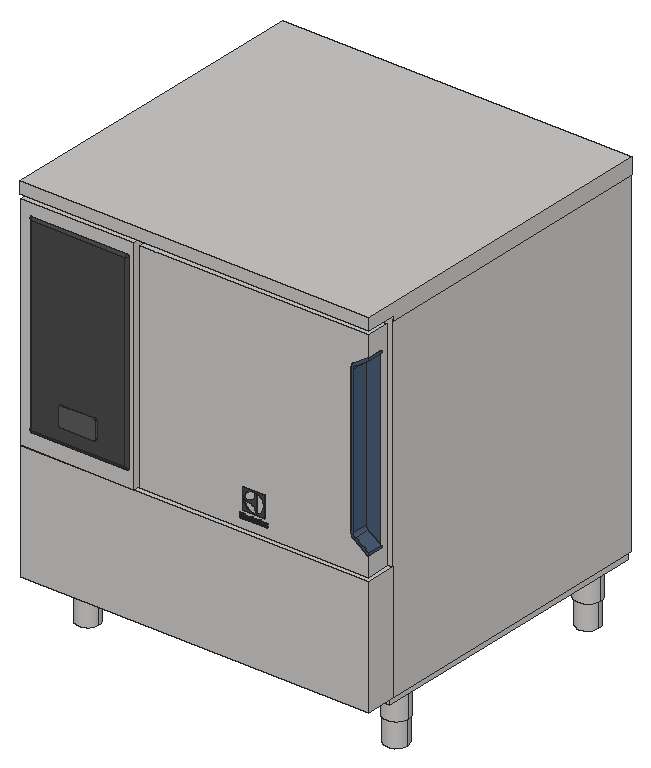
Revit family "QF_ELECTROLUXPROFESSIONAL_727905_EBFA61THE", category Specialty Equipment, Revit 2018
Family settings
  Round Connector Dimension = Use Diameter
  Part Type = Normal
  Work Plane-Based = No
  Always vertical = Yes
  Cut with Voids When Loaded = No
  Shared = No
  Room Calculation Point = No
Parameters
  Weight = 0.00 kg
  Watts = 0 W
  Volts = 380 V
  URL Manufacturer = "http://professional.electrolux.com"
  URL = "http://professional.electrolux.com"
  Steam Supply Size = 0 mm
  Steam Supply Minimum Pressure = 0.0 Pa
  Steam Supply Maximum Pressure = 0.0 Pa
  Steam Pounds per Hour = 0
  Show Logo [instance] = yes
  Show Clearance [instance] = yes
  Refrigeration Suction Line Size = 0 mm
  Refrigeration Liquid Line Size = 0 mm
  Refrigerant Compressor Remote = yes
  Manufacturer = "Electrolux"
  Phase = 3
  Model = "EBFA61THE"
  Length Actual = 897 mm  # constant formula
  Item Number = "727905"
  Hot Water Size = 0 mm
  Height Actual = 1060 mm  # constant formula
  HP = "3.6 HP"
  Gas Size = 0 mm
  Gas KW = 0
  Gas Input Pressure = 0 W
  Direct Waste Size = 139.7 mm
  Description = "SKYLINE CHILLS BLAST CHILLER FREEZER 30/30KG 6 GN 1/1 - WITH TOP - LEFT HINDGED DOOR"
  Depth Actual = 937 mm  # constant formula
  Cycle = 50 Hz
  Condensate Return Size = 0 mm
  Compressed Air Volume = 0.0 L/s
  Compressed Air Size = 0 mm
  Compressed Air Pressure = 0.0 Pa
  Cold Water Size = 0 mm
  Accessory = yes
Reference planes
  plane 1 "Center X": y = 126.851
  plane 2: z = 0
  plane 3 "Center Y": x = -311.5
  plane 4 "LEFT": x = -760
  plane 5 "BACK": y = 548.851
  plane 6 "RIGHT": x = 137
  plane 7 "FRONT": y = -295.149
  plane 8: z = 130
  plane 9 "TOP": z = 1060.038
  plane 10: x = -708
  plane 11: y = 473.851
  plane 12: x = 85
  plane 13: y = -142.149
  plane 14: z = 1020.038
  plane 15: y = 641.851
  plane 16: y = -847.149
Forms (mm)
  Extrusion 1, solid, material "QF_Finishes_Stainless Steel"
    sketch origin (0, 0, 1060.038) x (-1, 0, 0) y (0, -1, 0)
      loop
        line (759, -548.851) -> (759, 216.149) -> (-136, 216.149) -> (-136, -548.851) -> (759, -548.851)
    from -40 to -910.018
  Extrusion 2, void
    sketch origin (-759, -216.149, 1060.038) x (-1, 0, 0) y (0, 0, 1)
      loop
        line (-370.8, -100) -> (-826.8, -100) -> (-826.8, -491.98) -> (-370.8, -491.98) -> (-370.8, -100)
    from 0 to 703
  Extrusion 3, solid, material "QF_Finishes_Stainless Steel"
    sketch origin (-760, -0.954, 0) x (0, 1, 0) y (0, 0, 1)
      loop
        line (549.805, 694.306) -> (549.805, 392.314) -> (635.5, 399.789)
        arc (635.5, 399.789) -> (640.702, 402.354) -> (642.805, 407.759) r 8
        line (642.805, 407.759) -> (642.805, 433.233)
        arc (642.805, 433.233) -> (638.783, 442.547) -> (642.805, 451.86) r 12.795
        line (642.805, 451.86) -> (642.805, 483.24)
        arc (642.805, 483.24) -> (638.783, 492.554) -> (642.805, 501.867) r 12.795
        line (642.805, 501.867) -> (642.805, 533.247)
        arc (642.805, 533.247) -> (638.783, 542.56) -> (642.805, 551.874) r 12.795
        line (642.805, 551.874) -> (642.805, 583.254)
        arc (642.805, 583.254) -> (638.783, 592.567) -> (642.805, 601.881) r 12.795
        line (642.805, 601.881) -> (642.805, 634.796)
        arc (642.805, 634.796) -> (641.466, 639.795) -> (637.808, 643.455) r 10
        line (637.808, 643.455) -> (549.805, 694.306)
    from 123.244 to 306.92
  Extrusion 4, solid, material "QF_Finishes_Stainless Steel"
    sketch origin (-817.599, 548.851, 1060.038) x (1, 0, 0) y (0, 0, -1)
      loop
        circle (121.599, 802.038) r 10.5
    from 0 to 29
  Extrusion 5, solid, material "QF_Finishes_Stainless Steel"
    sketch origin (0, 0, 1060.038) x (-1, 0, 0) y (0, -1, 0)
      loop
        line (759, 295.149) -> (467.2, 295.149) -> (467.2, 217.149) -> (759, 217.149) -> (759, 295.149)
    from -40 to -607
  Extrusion 6, solid, material "QF_Finishes_Stainless Steel"
    sketch origin (-1206.916, -1524, 130) x (-1, 0, 0) y (0, -1, 0)
      loop
        line (-447.916, -1228.851) -> (-1342.916, -1228.851) -> (-1342.916, -1306.851) -> (-447.916, -1306.851) -> (-447.916, -1228.851)
    from 322 to 20.02
  Extrusion 7, solid, material "QF_Finishes_Stainless Steel"
    sketch origin (-311.5, 0, 0) x (0, 1, 0) y (0, 0, 1)
      loop
        line (548.851, 1060.038) -> (-295.149, 1060.038) -> (-295.149, 1030.034) -> (-216.149, 1030.034) -> (-216.149, 1020.038) -> (548.851, 1020.038) -> (548.851, 1060.038)
    from -448.5 to 448.5
  Extrusion 8, solid, material "QF_Finishes_Stainless Steel"
    sketch origin (0, 0, 1060.038) x (-1, 0, 0) y (0, -1, 0)
      loop
        line (748.993, -548.851) -> (748.993, 214.216) -> (-125.993, 214.216) -> (-125.993, -548.851) -> (748.993, -548.851)
    from -910.018 to -930.038
  Extrusion 9, solid, material "QF_Finishes_Stainless Steel"
    sketch origin (0, 0, 130) x (0, -1, 0) y (-1, 0, 0)
      loop
        circle (-215.851, 360) r 9.5
    from 0 to 31.68
  Extrusion 10, void
    sketch origin (0, 0, 1060.038) x (-1, 0, 0) y (0, -1, 0)
      loop
        line (627.033, -641.851) -> (636.756, -641.851) -> (636.756, -548.851) -> (635.125, -548.851) -> (627.033, -641.851)
      loop
        line (454.711, -548.851) -> (453.08, -548.851) -> (453.08, -641.851) -> (462.803, -641.851) -> (454.711, -548.851)
    from -673 to -363
  Extrusion 11, solid, material "QF_Finishes_Stainless Steel"
    sketch origin (-315.205, -295.149, 0) x (1, 0, 0) y (0, 0, -1)
      loop
        line (451.2, -1020.033) -> (451.2, -968.898) -> (414.947, -944.816)
        arc (414.947, -944.816) -> (408.716, -937.969) -> (406.46, -928.989) r 19
        line (406.46, -928.989) -> (406.46, -554.076)
        arc (406.46, -554.076) -> (408.839, -544.616) -> (415.41, -537.406) r 20
        line (415.41, -537.406) -> (451.2, -513.683) -> (451.2, -462.497) -> (-135.995, -462.497) -> (-135.995, -1020.033) -> (451.2, -1020.033)
    from 0 to 60
  Extrusion 12, solid, material "QF_Finishes_Stainless Steel"
    sketch origin (-315.205, -235.149, 0) x (1, 0, 0) y (0, 0, -1)
      loop
        line (406.46, -554.076) -> (406.46, -928.989)
        arc (406.46, -928.989) -> (408.716, -937.969) -> (414.947, -944.816) r 19
        line (414.947, -944.816) -> (451.2, -968.898) -> (451.2, -513.683) -> (415.41, -537.406)
        arc (415.41, -537.406) -> (408.839, -544.616) -> (406.46, -554.076) r 20
    from -21 to 0
  Extrusion 13, solid, material "QF_Finishes_Electrolux_Blue"
    sketch origin (-315.205, -295.149, 0) x (-1, 0, 0) y (0, 0, -1)
      loop
        line (-451.2, -968.898) -> (-414.947, -944.816)
        arc (-414.947, -944.816) -> (-408.716, -937.969) -> (-406.46, -928.989) r 19
        line (-406.46, -928.989) -> (-406.46, -554.076)
        arc (-406.46, -554.076) -> (-408.839, -544.616) -> (-415.41, -537.406) r 20
        line (-415.41, -537.406) -> (-451.2, -513.683) -> (-453.7, -513.683) -> (-453.7, -519.824) -> (-419.001, -542.824)
        arc (-419.001, -542.824) -> (-414.566, -547.691) -> (-412.96, -554.076) r 13.5
        line (-412.96, -554.076) -> (-412.96, -928.989)
        arc (-412.96, -928.989) -> (-414.444, -934.897) -> (-418.543, -939.401) r 12.5
        line (-418.543, -939.401) -> (-453.7, -962.755) -> (-453.7, -968.898) -> (-451.2, -968.898)
    from -39 to 1
  Extrusion 14, solid, material "QF_Door-Drawer Clearances", visible <- "Show Clearance", detail levels coarse
    sketch origin (-458.205, -393.449, 0) x (0, -1, 0) y (0, 0, -1)
      loop
        line (451.2, -1020.033) -> (451.2, -968.898) -> (414.947, -944.816)
        arc (414.947, -944.816) -> (408.716, -937.969) -> (406.46, -928.989) r 19
        line (406.46, -928.989) -> (406.46, -554.076)
        arc (406.46, -554.076) -> (408.839, -544.616) -> (415.41, -537.406) r 20
        line (415.41, -537.406) -> (451.2, -513.683) -> (451.2, -462.497) -> (-98.3, -462.497) -> (-98.3, -1020.033) -> (451.2, -1020.033)
    from 0 to 60
  Extrusion 15, solid, material "QF_Door-Drawer Clearances", visible <- "Show Clearance", detail levels coarse
    sketch origin (-398.205, -393.449, 0) x (0, -1, 0) y (0, 0, -1)
      loop
        line (406.46, -554.076) -> (406.46, -928.989)
        arc (406.46, -928.989) -> (408.716, -937.969) -> (414.947, -944.816) r 19
        line (414.947, -944.816) -> (451.2, -968.898) -> (451.2, -513.683) -> (415.41, -537.406)
        arc (415.41, -537.406) -> (408.839, -544.616) -> (406.46, -554.076) r 20
    from -21 to 0
  Extrusion 16, solid, material "QF_Door-Drawer Clearances", visible <- "Show Clearance", detail levels coarse
    sketch origin (-458.205, -393.449, 0) x (0, 1, 0) y (0, 0, -1)
      loop
        line (-451.2, -968.898) -> (-414.947, -944.816)
        arc (-414.947, -944.816) -> (-408.716, -937.969) -> (-406.46, -928.989) r 19
        line (-406.46, -928.989) -> (-406.46, -554.076)
        arc (-406.46, -554.076) -> (-408.839, -544.616) -> (-415.41, -537.406) r 20
        line (-415.41, -537.406) -> (-451.2, -513.683) -> (-453.7, -513.683) -> (-453.7, -519.824) -> (-419.001, -542.824)
        arc (-419.001, -542.824) -> (-414.566, -547.691) -> (-412.96, -554.076) r 13.5
        line (-412.96, -554.076) -> (-412.96, -928.989)
        arc (-412.96, -928.989) -> (-414.444, -934.897) -> (-418.543, -939.401) r 12.5
        line (-418.543, -939.401) -> (-453.7, -962.755) -> (-453.7, -968.898) -> (-451.2, -968.898)
    from -39 to 1
  Extrusion 17, solid, material "QF_Door-Drawer Clearances", visible <- "Show Clearance", detail levels coarse
    sketch origin (-315.205, 0, 1060.038) x (1, 0, 0) y (0, 1, 0)
      loop
        line (-83, -295.149) -> (-83, -844.649)
        arc (-83, -844.649) -> (290.883, -673.709) -> (451.2, -295.149) r 567.425
        line (451.2, -295.149) -> (-83, -295.149)
    from -597.541 to -40
Cuts and joins
  Extrusion 2 cuts Extrusion 1
  Extrusion 10 cuts Extrusion 3
  joined: Extrusion 1, Extrusion 3, Extrusion 4, Extrusion 7, Extrusion 8, Extrusion 9
  joined: Extrusion 11, Extrusion 12
  joined: Extrusion 14, Extrusion 15, Extrusion 16, Extrusion 17
Lines and regions (mm)
  Split face 1
    outline origin (-489, -295.149, 130) x (-1, 0, 0) y (0, 0, -1)
      loop
        line (-132.388, -290.639) -> (-22.373, -290.639) -> (-22.373, -285.612) -> (-132.388, -285.612) -> (-132.388, -290.639)
  Split face 2
    outline origin (-489, -295.149, 120.528) x (-1, 0, 0) y (0, 0, -1)
      loop
        line (-132.388, -290.639) -> (-22.373, -290.639) -> (-22.373, -285.612) -> (-132.388, -285.612) -> (-132.388, -290.639)
  Split face 3
    outline origin (-489, -295.149, 111.056) x (-1, 0, 0) y (0, 0, -1)
      loop
        line (-132.388, -290.639) -> (-22.373, -290.639) -> (-22.373, -285.612) -> (-132.388, -285.612) -> (-132.388, -290.639)
  Split face 4
    outline origin (-489, -295.149, 101.583) x (-1, 0, 0) y (0, 0, -1)
      loop
        line (-132.388, -290.639) -> (-22.373, -290.639) -> (-22.373, -285.612) -> (-132.388, -285.612) -> (-132.388, -290.639)
  Split face 5
    outline origin (-489, -295.149, 92.111) x (-1, 0, 0) y (0, 0, -1)
      loop
        line (-132.388, -290.639) -> (-22.373, -290.639) -> (-22.373, -285.612) -> (-132.388, -285.612) -> (-132.388, -290.639)
  Split face 6
    outline origin (-489, -295.149, 82.639) x (-1, 0, 0) y (0, 0, -1)
      loop
        line (-132.388, -290.639) -> (-22.373, -290.639) -> (-22.373, -285.612) -> (-132.388, -285.612) -> (-132.388, -290.639)
  Split face 7
    outline origin (-489, -295.149, 73.167) x (-1, 0, 0) y (0, 0, -1)
      loop
        line (-132.388, -290.639) -> (-22.373, -290.639) -> (-22.373, -285.612) -> (-132.388, -285.612) -> (-132.388, -290.639)
  Split face 8
    outline origin (-489, -295.149, 63.695) x (-1, 0, 0) y (0, 0, -1)
      loop
        line (-132.388, -290.639) -> (-22.373, -290.639) -> (-22.373, -285.612) -> (-132.388, -285.612) -> (-132.388, -290.639)
  Split face 9
    outline origin (-489, -295.149, 54.223) x (-1, 0, 0) y (0, 0, -1)
      loop
        line (-132.388, -290.639) -> (-22.373, -290.639) -> (-22.373, -285.612) -> (-132.388, -285.612) -> (-132.388, -290.639)
  Split face 10
    outline origin (-489, -295.149, 44.75) x (-1, 0, 0) y (0, 0, -1)
      loop
        line (-132.388, -290.639) -> (-22.373, -290.639) -> (-22.373, -285.612) -> (-132.388, -285.612) -> (-132.388, -290.639)
  Split face 11
    outline origin (-489, -295.149, 35.278) x (-1, 0, 0) y (0, 0, -1)
      loop
        line (-132.388, -290.639) -> (-22.373, -290.639) -> (-22.373, -285.612) -> (-132.388, -285.612) -> (-132.388, -290.639)
  Split face 12
    outline origin (-489, -295.149, 25.806) x (-1, 0, 0) y (0, 0, -1)
      loop
        line (-132.388, -290.639) -> (-22.373, -290.639) -> (-22.373, -285.612) -> (-132.388, -285.612) -> (-132.388, -290.639)
  Split face 13
    outline origin (-489, -295.149, 16.334) x (-1, 0, 0) y (0, 0, -1)
      loop
        line (-132.388, -290.639) -> (-22.373, -290.639) -> (-22.373, -285.612) -> (-132.388, -285.612) -> (-132.388, -290.639)
  Split face 14
    outline origin (-489, -295.149, 6.862) x (-1, 0, 0) y (0, 0, -1)
      loop
        line (-132.388, -290.639) -> (-22.373, -290.639) -> (-22.373, -285.612) -> (-132.388, -285.612) -> (-132.388, -290.639)
  Split face 15
    outline origin (-489, -295.149, -2.611) x (-1, 0, 0) y (0, 0, -1)
      loop
        line (-132.388, -290.639) -> (-22.373, -290.639) -> (-22.373, -285.612) -> (-132.388, -285.612) -> (-132.388, -290.639)
  Split face 16
    outline origin (-489, -295.149, -12.083) x (-1, 0, 0) y (0, 0, -1)
      loop
        line (-132.388, -290.639) -> (-22.373, -290.639) -> (-22.373, -285.612) -> (-132.388, -285.612) -> (-132.388, -290.639)
  Split face 17
    outline origin (-489, -295.149, -21.555) x (-1, 0, 0) y (0, 0, -1)
      loop
        line (-132.388, -290.639) -> (-22.373, -290.639) -> (-22.373, -285.612) -> (-132.388, -285.612) -> (-132.388, -290.639)
  Split face 18
    outline origin (-489, -295.149, -31.027) x (-1, 0, 0) y (0, 0, -1)
      loop
        line (-132.388, -290.639) -> (-22.373, -290.639) -> (-22.373, -285.612) -> (-132.388, -285.612) -> (-132.388, -290.639)
  Split face 19
    outline origin (-489, -295.149, -40.499) x (-1, 0, 0) y (0, 0, -1)
      loop
        line (-132.388, -290.639) -> (-22.373, -290.639) -> (-22.373, -285.612) -> (-132.388, -285.612) -> (-132.388, -290.639)
  Split face 20
    outline origin (-489, -295.149, -49.972) x (-1, 0, 0) y (0, 0, -1)
      loop
        line (-132.388, -290.639) -> (-22.373, -290.639) -> (-22.373, -285.612) -> (-132.388, -285.612) -> (-132.388, -290.639)
  Split face 21
    outline origin (-489, -295.149, -59.444) x (-1, 0, 0) y (0, 0, -1)
      loop
        line (-132.388, -290.639) -> (-22.373, -290.639) -> (-22.373, -285.612) -> (-132.388, -285.612) -> (-132.388, -290.639)
  Split face 22
    outline origin (-489, -295.149, -68.916) x (-1, 0, 0) y (0, 0, -1)
      loop
        line (-132.388, -290.639) -> (-22.373, -290.639) -> (-22.373, -285.612) -> (-132.388, -285.612) -> (-132.388, -290.639)
  Split face 23
    outline origin (-489, -295.149, -78.388) x (-1, 0, 0) y (0, 0, -1)
      loop
        line (-132.388, -290.639) -> (-22.373, -290.639) -> (-22.373, -285.612) -> (-132.388, -285.612) -> (-132.388, -290.639)
  Split face 24
    outline origin (-489, -295.149, -87.86) x (-1, 0, 0) y (0, 0, -1)
      loop
        line (-132.388, -290.639) -> (-22.373, -290.639) -> (-22.373, -285.612) -> (-132.388, -285.612) -> (-132.388, -290.639)
  Split face 25
    outline origin (-489, -295.149, -97.332) x (-1, 0, 0) y (0, 0, -1)
      loop
        line (-132.388, -290.639) -> (-22.373, -290.639) -> (-22.373, -285.612) -> (-132.388, -285.612) -> (-132.388, -290.639)
  Split face 26
    outline origin (-489, -295.149, -106.805) x (-1, 0, 0) y (0, 0, -1)
      loop
        line (-132.388, -290.639) -> (-22.373, -290.639) -> (-22.373, -285.612) -> (-132.388, -285.612) -> (-132.388, -290.639)
  Split face 27
    outline origin (-373.984, -295.149, 130) x (-1, 0, 0) y (0, 0, -1)
      loop
        line (-132.388, -290.639) -> (-22.373, -290.639) -> (-22.373, -285.612) -> (-132.388, -285.612) -> (-132.388, -290.639)
  Split face 28
    outline origin (-373.984, -295.149, 120.528) x (-1, 0, 0) y (0, 0, -1)
      loop
        line (-132.388, -290.639) -> (-22.373, -290.639) -> (-22.373, -285.612) -> (-132.388, -285.612) -> (-132.388, -290.639)
  Split face 29
    outline origin (-373.984, -295.149, 111.056) x (-1, 0, 0) y (0, 0, -1)
      loop
        line (-132.388, -290.639) -> (-22.373, -290.639) -> (-22.373, -285.612) -> (-132.388, -285.612) -> (-132.388, -290.639)
  Split face 30
    outline origin (-373.984, -295.149, 101.583) x (-1, 0, 0) y (0, 0, -1)
      loop
        line (-132.388, -290.639) -> (-22.373, -290.639) -> (-22.373, -285.612) -> (-132.388, -285.612) -> (-132.388, -290.639)
  Split face 31
    outline origin (-373.984, -295.149, 92.111) x (-1, 0, 0) y (0, 0, -1)
      loop
        line (-132.388, -290.639) -> (-22.373, -290.639) -> (-22.373, -285.612) -> (-132.388, -285.612) -> (-132.388, -290.639)
  Split face 32
    outline origin (-373.984, -295.149, 82.639) x (-1, 0, 0) y (0, 0, -1)
      loop
        line (-132.388, -290.639) -> (-22.373, -290.639) -> (-22.373, -285.612) -> (-132.388, -285.612) -> (-132.388, -290.639)
  Split face 33
    outline origin (-373.984, -295.149, 73.167) x (-1, 0, 0) y (0, 0, -1)
      loop
        line (-132.388, -290.639) -> (-22.373, -290.639) -> (-22.373, -285.612) -> (-132.388, -285.612) -> (-132.388, -290.639)
  Split face 34
    outline origin (-373.984, -295.149, 63.695) x (-1, 0, 0) y (0, 0, -1)
      loop
        line (-132.388, -290.639) -> (-22.373, -290.639) -> (-22.373, -285.612) -> (-132.388, -285.612) -> (-132.388, -290.639)
  Split face 35
    outline origin (-373.984, -295.149, 54.223) x (-1, 0, 0) y (0, 0, -1)
      loop
        line (-132.388, -290.639) -> (-22.373, -290.639) -> (-22.373, -285.612) -> (-132.388, -285.612) -> (-132.388, -290.639)
  Split face 36
    outline origin (-373.984, -295.149, 44.75) x (-1, 0, 0) y (0, 0, -1)
      loop
        line (-132.388, -290.639) -> (-22.373, -290.639) -> (-22.373, -285.612) -> (-132.388, -285.612) -> (-132.388, -290.639)
  Split face 37
    outline origin (-373.984, -295.149, 35.278) x (-1, 0, 0) y (0, 0, -1)
      loop
        line (-132.388, -290.639) -> (-22.373, -290.639) -> (-22.373, -285.612) -> (-132.388, -285.612) -> (-132.388, -290.639)
  Split face 38
    outline origin (-373.984, -295.149, 25.806) x (-1, 0, 0) y (0, 0, -1)
      loop
        line (-132.388, -290.639) -> (-22.373, -290.639) -> (-22.373, -285.612) -> (-132.388, -285.612) -> (-132.388, -290.639)
  Split face 39
    outline origin (-373.984, -295.149, 16.334) x (-1, 0, 0) y (0, 0, -1)
      loop
        line (-132.388, -290.639) -> (-22.373, -290.639) -> (-22.373, -285.612) -> (-132.388, -285.612) -> (-132.388, -290.639)
  Split face 40
    outline origin (-373.984, -295.149, 6.862) x (-1, 0, 0) y (0, 0, -1)
      loop
        line (-132.388, -290.639) -> (-22.373, -290.639) -> (-22.373, -285.612) -> (-132.388, -285.612) -> (-132.388, -290.639)
  Split face 41
    outline origin (-373.984, -295.149, -2.611) x (-1, 0, 0) y (0, 0, -1)
      loop
        line (-132.388, -290.639) -> (-22.373, -290.639) -> (-22.373, -285.612) -> (-132.388, -285.612) -> (-132.388, -290.639)
  Split face 42
    outline origin (-373.984, -295.149, -12.083) x (-1, 0, 0) y (0, 0, -1)
      loop
        line (-132.388, -290.639) -> (-22.373, -290.639) -> (-22.373, -285.612) -> (-132.388, -285.612) -> (-132.388, -290.639)
  Split face 43
    outline origin (-373.984, -295.149, -21.555) x (-1, 0, 0) y (0, 0, -1)
      loop
        line (-132.388, -290.639) -> (-22.373, -290.639) -> (-22.373, -285.612) -> (-132.388, -285.612) -> (-132.388, -290.639)
  Split face 44
    outline origin (-373.984, -295.149, -31.027) x (-1, 0, 0) y (0, 0, -1)
      loop
        line (-132.388, -290.639) -> (-22.373, -290.639) -> (-22.373, -285.612) -> (-132.388, -285.612) -> (-132.388, -290.639)
  Split face 45
    outline origin (-373.984, -295.149, -40.499) x (-1, 0, 0) y (0, 0, -1)
      loop
        line (-132.388, -290.639) -> (-22.373, -290.639) -> (-22.373, -285.612) -> (-132.388, -285.612) -> (-132.388, -290.639)
  Split face 46
    outline origin (-373.984, -295.149, -49.972) x (-1, 0, 0) y (0, 0, -1)
      loop
        line (-132.388, -290.639) -> (-22.373, -290.639) -> (-22.373, -285.612) -> (-132.388, -285.612) -> (-132.388, -290.639)
  Split face 47
    outline origin (-373.984, -295.149, -59.444) x (-1, 0, 0) y (0, 0, -1)
      loop
        line (-132.388, -290.639) -> (-22.373, -290.639) -> (-22.373, -285.612) -> (-132.388, -285.612) -> (-132.388, -290.639)
  Split face 48
    outline origin (-373.984, -295.149, -68.916) x (-1, 0, 0) y (0, 0, -1)
      loop
        line (-132.388, -290.639) -> (-22.373, -290.639) -> (-22.373, -285.612) -> (-132.388, -285.612) -> (-132.388, -290.639)
  Split face 49
    outline origin (-373.984, -295.149, -78.388) x (-1, 0, 0) y (0, 0, -1)
      loop
        line (-132.388, -290.639) -> (-22.373, -290.639) -> (-22.373, -285.612) -> (-132.388, -285.612) -> (-132.388, -290.639)
  Split face 50
    outline origin (-373.984, -295.149, -87.86) x (-1, 0, 0) y (0, 0, -1)
      loop
        line (-132.388, -290.639) -> (-22.373, -290.639) -> (-22.373, -285.612) -> (-132.388, -285.612) -> (-132.388, -290.639)
  Split face 51
    outline origin (-373.984, -295.149, -97.332) x (-1, 0, 0) y (0, 0, -1)
      loop
        line (-132.388, -290.639) -> (-22.373, -290.639) -> (-22.373, -285.612) -> (-132.388, -285.612) -> (-132.388, -290.639)
  Split face 52
    outline origin (-373.984, -295.149, -106.805) x (-1, 0, 0) y (0, 0, -1)
      loop
        line (-132.388, -290.639) -> (-22.373, -290.639) -> (-22.373, -285.612) -> (-132.388, -285.612) -> (-132.388, -290.639)
  Split face 53
    outline origin (-258.969, -295.149, 130) x (-1, 0, 0) y (0, 0, -1)
      loop
        line (-132.388, -290.639) -> (-22.373, -290.639) -> (-22.373, -285.612) -> (-132.388, -285.612) -> (-132.388, -290.639)
  Split face 54
    outline origin (-258.969, -295.149, 120.528) x (-1, 0, 0) y (0, 0, -1)
      loop
        line (-132.388, -290.639) -> (-22.373, -290.639) -> (-22.373, -285.612) -> (-132.388, -285.612) -> (-132.388, -290.639)
  Split face 55
    outline origin (-258.969, -295.149, 111.056) x (-1, 0, 0) y (0, 0, -1)
      loop
        line (-132.388, -290.639) -> (-22.373, -290.639) -> (-22.373, -285.612) -> (-132.388, -285.612) -> (-132.388, -290.639)
  Split face 56
    outline origin (-258.969, -295.149, 101.583) x (-1, 0, 0) y (0, 0, -1)
      loop
        line (-132.388, -290.639) -> (-22.373, -290.639) -> (-22.373, -285.612) -> (-132.388, -285.612) -> (-132.388, -290.639)
  Split face 57
    outline origin (-258.969, -295.149, 92.111) x (-1, 0, 0) y (0, 0, -1)
      loop
        line (-132.388, -290.639) -> (-22.373, -290.639) -> (-22.373, -285.612) -> (-132.388, -285.612) -> (-132.388, -290.639)
  Split face 58
    outline origin (-258.969, -295.149, 82.639) x (-1, 0, 0) y (0, 0, -1)
      loop
        line (-132.388, -290.639) -> (-22.373, -290.639) -> (-22.373, -285.612) -> (-132.388, -285.612) -> (-132.388, -290.639)
  Split face 59
    outline origin (-258.969, -295.149, 73.167) x (-1, 0, 0) y (0, 0, -1)
      loop
        line (-132.388, -290.639) -> (-22.373, -290.639) -> (-22.373, -285.612) -> (-132.388, -285.612) -> (-132.388, -290.639)
  Split face 60
    outline origin (-258.969, -295.149, 63.695) x (-1, 0, 0) y (0, 0, -1)
      loop
        line (-132.388, -290.639) -> (-22.373, -290.639) -> (-22.373, -285.612) -> (-132.388, -285.612) -> (-132.388, -290.639)
  Split face 61
    outline origin (-258.969, -295.149, 54.223) x (-1, 0, 0) y (0, 0, -1)
      loop
        line (-132.388, -290.639) -> (-22.373, -290.639) -> (-22.373, -285.612) -> (-132.388, -285.612) -> (-132.388, -290.639)
  Split face 62
    outline origin (-258.969, -295.149, 44.75) x (-1, 0, 0) y (0, 0, -1)
      loop
        line (-132.388, -290.639) -> (-22.373, -290.639) -> (-22.373, -285.612) -> (-132.388, -285.612) -> (-132.388, -290.639)
  Split face 63
    outline origin (-258.969, -295.149, 35.278) x (-1, 0, 0) y (0, 0, -1)
      loop
        line (-132.388, -290.639) -> (-22.373, -290.639) -> (-22.373, -285.612) -> (-132.388, -285.612) -> (-132.388, -290.639)
  Split face 64
    outline origin (-258.969, -295.149, 25.806) x (-1, 0, 0) y (0, 0, -1)
      loop
        line (-132.388, -290.639) -> (-22.373, -290.639) -> (-22.373, -285.612) -> (-132.388, -285.612) -> (-132.388, -290.639)
  Split face 65
    outline origin (-258.969, -295.149, 16.334) x (-1, 0, 0) y (0, 0, -1)
      loop
        line (-132.388, -290.639) -> (-22.373, -290.639) -> (-22.373, -285.612) -> (-132.388, -285.612) -> (-132.388, -290.639)
  Split face 66
    outline origin (-258.969, -295.149, 6.862) x (-1, 0, 0) y (0, 0, -1)
      loop
        line (-132.388, -290.639) -> (-22.373, -290.639) -> (-22.373, -285.612) -> (-132.388, -285.612) -> (-132.388, -290.639)
  Split face 67
    outline origin (-258.969, -295.149, -2.611) x (-1, 0, 0) y (0, 0, -1)
      loop
        line (-132.388, -290.639) -> (-22.373, -290.639) -> (-22.373, -285.612) -> (-132.388, -285.612) -> (-132.388, -290.639)
  Split face 68
    outline origin (-258.969, -295.149, -12.083) x (-1, 0, 0) y (0, 0, -1)
      loop
        line (-132.388, -290.639) -> (-22.373, -290.639) -> (-22.373, -285.612) -> (-132.388, -285.612) -> (-132.388, -290.639)
  Split face 69
    outline origin (-258.969, -295.149, -21.555) x (-1, 0, 0) y (0, 0, -1)
      loop
        line (-132.388, -290.639) -> (-22.373, -290.639) -> (-22.373, -285.612) -> (-132.388, -285.612) -> (-132.388, -290.639)
  Split face 70
    outline origin (-258.969, -295.149, -31.027) x (-1, 0, 0) y (0, 0, -1)
      loop
        line (-132.388, -290.639) -> (-22.373, -290.639) -> (-22.373, -285.612) -> (-132.388, -285.612) -> (-132.388, -290.639)
  Split face 71
    outline origin (-258.969, -295.149, -40.499) x (-1, 0, 0) y (0, 0, -1)
      loop
        line (-132.388, -290.639) -> (-22.373, -290.639) -> (-22.373, -285.612) -> (-132.388, -285.612) -> (-132.388, -290.639)
  Split face 72
    outline origin (-258.969, -295.149, -49.972) x (-1, 0, 0) y (0, 0, -1)
      loop
        line (-132.388, -290.639) -> (-22.373, -290.639) -> (-22.373, -285.612) -> (-132.388, -285.612) -> (-132.388, -290.639)
  Split face 73
    outline origin (-258.969, -295.149, -59.444) x (-1, 0, 0) y (0, 0, -1)
      loop
        line (-132.388, -290.639) -> (-22.373, -290.639) -> (-22.373, -285.612) -> (-132.388, -285.612) -> (-132.388, -290.639)
  Split face 74
    outline origin (-258.969, -295.149, -68.916) x (-1, 0, 0) y (0, 0, -1)
      loop
        line (-132.388, -290.639) -> (-22.373, -290.639) -> (-22.373, -285.612) -> (-132.388, -285.612) -> (-132.388, -290.639)
  Split face 75
    outline origin (-258.969, -295.149, -78.388) x (-1, 0, 0) y (0, 0, -1)
      loop
        line (-132.388, -290.639) -> (-22.373, -290.639) -> (-22.373, -285.612) -> (-132.388, -285.612) -> (-132.388, -290.639)
  Split face 76
    outline origin (-258.969, -295.149, -87.86) x (-1, 0, 0) y (0, 0, -1)
      loop
        line (-132.388, -290.639) -> (-22.373, -290.639) -> (-22.373, -285.612) -> (-132.388, -285.612) -> (-132.388, -290.639)
  Split face 77
    outline origin (-258.969, -295.149, -97.332) x (-1, 0, 0) y (0, 0, -1)
      loop
        line (-132.388, -290.639) -> (-22.373, -290.639) -> (-22.373, -285.612) -> (-132.388, -285.612) -> (-132.388, -290.639)
  Split face 78
    outline origin (-258.969, -295.149, -106.805) x (-1, 0, 0) y (0, 0, -1)
      loop
        line (-132.388, -290.639) -> (-22.373, -290.639) -> (-22.373, -285.612) -> (-132.388, -285.612) -> (-132.388, -290.639)
  Split face 79
    outline origin (-143.953, -295.149, 130) x (-1, 0, 0) y (0, 0, -1)
      loop
        line (-132.388, -290.639) -> (-22.373, -290.639) -> (-22.373, -285.612) -> (-132.388, -285.612) -> (-132.388, -290.639)
  Split face 80
    outline origin (-143.953, -295.149, 120.528) x (-1, 0, 0) y (0, 0, -1)
      loop
        line (-132.388, -290.639) -> (-22.373, -290.639) -> (-22.373, -285.612) -> (-132.388, -285.612) -> (-132.388, -290.639)
  Split face 81
    outline origin (-143.953, -295.149, 111.056) x (-1, 0, 0) y (0, 0, -1)
      loop
        line (-132.388, -290.639) -> (-22.373, -290.639) -> (-22.373, -285.612) -> (-132.388, -285.612) -> (-132.388, -290.639)
  Split face 82
    outline origin (-143.953, -295.149, 101.583) x (-1, 0, 0) y (0, 0, -1)
      loop
        line (-132.388, -290.639) -> (-22.373, -290.639) -> (-22.373, -285.612) -> (-132.388, -285.612) -> (-132.388, -290.639)
  Split face 83
    outline origin (-143.953, -295.149, 92.111) x (-1, 0, 0) y (0, 0, -1)
      loop
        line (-132.388, -290.639) -> (-22.373, -290.639) -> (-22.373, -285.612) -> (-132.388, -285.612) -> (-132.388, -290.639)
  Split face 84
    outline origin (-143.953, -295.149, 82.639) x (-1, 0, 0) y (0, 0, -1)
      loop
        line (-132.388, -290.639) -> (-22.373, -290.639) -> (-22.373, -285.612) -> (-132.388, -285.612) -> (-132.388, -290.639)
  Split face 85
    outline origin (-143.953, -295.149, 73.167) x (-1, 0, 0) y (0, 0, -1)
      loop
        line (-132.388, -290.639) -> (-22.373, -290.639) -> (-22.373, -285.612) -> (-132.388, -285.612) -> (-132.388, -290.639)
  Split face 86
    outline origin (-143.953, -295.149, 63.695) x (-1, 0, 0) y (0, 0, -1)
      loop
        line (-132.388, -290.639) -> (-22.373, -290.639) -> (-22.373, -285.612) -> (-132.388, -285.612) -> (-132.388, -290.639)
  Split face 87
    outline origin (-143.953, -295.149, 54.223) x (-1, 0, 0) y (0, 0, -1)
      loop
        line (-132.388, -290.639) -> (-22.373, -290.639) -> (-22.373, -285.612) -> (-132.388, -285.612) -> (-132.388, -290.639)
  Split face 88
    outline origin (-143.953, -295.149, 44.75) x (-1, 0, 0) y (0, 0, -1)
      loop
        line (-132.388, -290.639) -> (-22.373, -290.639) -> (-22.373, -285.612) -> (-132.388, -285.612) -> (-132.388, -290.639)
  Split face 89
    outline origin (-143.953, -295.149, 35.278) x (-1, 0, 0) y (0, 0, -1)
      loop
        line (-132.388, -290.639) -> (-22.373, -290.639) -> (-22.373, -285.612) -> (-132.388, -285.612) -> (-132.388, -290.639)
  Split face 90
    outline origin (-143.953, -295.149, 25.806) x (-1, 0, 0) y (0, 0, -1)
      loop
        line (-132.388, -290.639) -> (-22.373, -290.639) -> (-22.373, -285.612) -> (-132.388, -285.612) -> (-132.388, -290.639)
  Split face 91
    outline origin (-143.953, -295.149, 16.334) x (-1, 0, 0) y (0, 0, -1)
      loop
        line (-132.388, -290.639) -> (-22.373, -290.639) -> (-22.373, -285.612) -> (-132.388, -285.612) -> (-132.388, -290.639)
  Split face 92
    outline origin (-143.953, -295.149, 6.862) x (-1, 0, 0) y (0, 0, -1)
      loop
        line (-132.388, -290.639) -> (-22.373, -290.639) -> (-22.373, -285.612) -> (-132.388, -285.612) -> (-132.388, -290.639)
  Split face 93
    outline origin (-143.953, -295.149, -2.611) x (-1, 0, 0) y (0, 0, -1)
      loop
        line (-132.388, -290.639) -> (-22.373, -290.639) -> (-22.373, -285.612) -> (-132.388, -285.612) -> (-132.388, -290.639)
  Split face 94
    outline origin (-143.953, -295.149, -12.083) x (-1, 0, 0) y (0, 0, -1)
      loop
        line (-132.388, -290.639) -> (-22.373, -290.639) -> (-22.373, -285.612) -> (-132.388, -285.612) -> (-132.388, -290.639)
  Split face 95
    outline origin (-143.953, -295.149, -21.555) x (-1, 0, 0) y (0, 0, -1)
      loop
        line (-132.388, -290.639) -> (-22.373, -290.639) -> (-22.373, -285.612) -> (-132.388, -285.612) -> (-132.388, -290.639)
  Split face 96
    outline origin (-143.953, -295.149, -31.027) x (-1, 0, 0) y (0, 0, -1)
      loop
        line (-132.388, -290.639) -> (-22.373, -290.639) -> (-22.373, -285.612) -> (-132.388, -285.612) -> (-132.388, -290.639)
  Split face 97
    outline origin (-143.953, -295.149, -40.499) x (-1, 0, 0) y (0, 0, -1)
      loop
        line (-132.388, -290.639) -> (-22.373, -290.639) -> (-22.373, -285.612) -> (-132.388, -285.612) -> (-132.388, -290.639)
  Split face 98
    outline origin (-143.953, -295.149, -49.972) x (-1, 0, 0) y (0, 0, -1)
      loop
        line (-132.388, -290.639) -> (-22.373, -290.639) -> (-22.373, -285.612) -> (-132.388, -285.612) -> (-132.388, -290.639)
  Split face 99
    outline origin (-143.953, -295.149, -59.444) x (-1, 0, 0) y (0, 0, -1)
      loop
        line (-132.388, -290.639) -> (-22.373, -290.639) -> (-22.373, -285.612) -> (-132.388, -285.612) -> (-132.388, -290.639)
  Split face 100
    outline origin (-143.953, -295.149, -68.916) x (-1, 0, 0) y (0, 0, -1)
      loop
        line (-132.388, -290.639) -> (-22.373, -290.639) -> (-22.373, -285.612) -> (-132.388, -285.612) -> (-132.388, -290.639)
  Split face 101
    outline origin (-143.953, -295.149, -78.388) x (-1, 0, 0) y (0, 0, -1)
      loop
        line (-132.388, -290.639) -> (-22.373, -290.639) -> (-22.373, -285.612) -> (-132.388, -285.612) -> (-132.388, -290.639)
  Split face 102
    outline origin (-143.953, -295.149, -87.86) x (-1, 0, 0) y (0, 0, -1)
      loop
        line (-132.388, -290.639) -> (-22.373, -290.639) -> (-22.373, -285.612) -> (-132.388, -285.612) -> (-132.388, -290.639)
  Split face 103
    outline origin (-143.953, -295.149, -97.332) x (-1, 0, 0) y (0, 0, -1)
      loop
        line (-132.388, -290.639) -> (-22.373, -290.639) -> (-22.373, -285.612) -> (-132.388, -285.612) -> (-132.388, -290.639)
  Split face 104
    outline origin (-143.953, -295.149, -106.805) x (-1, 0, 0) y (0, 0, -1)
      loop
        line (-132.388, -290.639) -> (-22.373, -290.639) -> (-22.373, -285.612) -> (-132.388, -285.612) -> (-132.388, -290.639)
  Split face 105
    outline origin (-28.938, -295.149, 130) x (-1, 0, 0) y (0, 0, -1)
      loop
        line (-132.388, -290.639) -> (-22.373, -290.639) -> (-22.373, -285.612) -> (-132.388, -285.612) -> (-132.388, -290.639)
  Split face 106
    outline origin (-28.938, -295.149, 120.528) x (-1, 0, 0) y (0, 0, -1)
      loop
        line (-132.388, -290.639) -> (-22.373, -290.639) -> (-22.373, -285.612) -> (-132.388, -285.612) -> (-132.388, -290.639)
  Split face 107
    outline origin (-28.938, -295.149, 111.056) x (-1, 0, 0) y (0, 0, -1)
      loop
        line (-132.388, -290.639) -> (-22.373, -290.639) -> (-22.373, -285.612) -> (-132.388, -285.612) -> (-132.388, -290.639)
  Split face 108
    outline origin (-28.938, -295.149, 101.583) x (-1, 0, 0) y (0, 0, -1)
      loop
        line (-132.388, -290.639) -> (-22.373, -290.639) -> (-22.373, -285.612) -> (-132.388, -285.612) -> (-132.388, -290.639)
  Split face 109
    outline origin (-28.938, -295.149, 92.111) x (-1, 0, 0) y (0, 0, -1)
      loop
        line (-132.388, -290.639) -> (-22.373, -290.639) -> (-22.373, -285.612) -> (-132.388, -285.612) -> (-132.388, -290.639)
  Split face 110
    outline origin (-28.938, -295.149, 82.639) x (-1, 0, 0) y (0, 0, -1)
      loop
        line (-132.388, -290.639) -> (-22.373, -290.639) -> (-22.373, -285.612) -> (-132.388, -285.612) -> (-132.388, -290.639)
  Split face 111
    outline origin (-28.938, -295.149, 73.167) x (-1, 0, 0) y (0, 0, -1)
      loop
        line (-132.388, -290.639) -> (-22.373, -290.639) -> (-22.373, -285.612) -> (-132.388, -285.612) -> (-132.388, -290.639)
  Split face 112
    outline origin (-28.938, -295.149, 63.695) x (-1, 0, 0) y (0, 0, -1)
      loop
        line (-132.388, -290.639) -> (-22.373, -290.639) -> (-22.373, -285.612) -> (-132.388, -285.612) -> (-132.388, -290.639)
  Split face 113
    outline origin (-28.938, -295.149, 54.223) x (-1, 0, 0) y (0, 0, -1)
      loop
        line (-132.388, -290.639) -> (-22.373, -290.639) -> (-22.373, -285.612) -> (-132.388, -285.612) -> (-132.388, -290.639)
  Split face 114
    outline origin (-28.938, -295.149, 44.75) x (-1, 0, 0) y (0, 0, -1)
      loop
        line (-132.388, -290.639) -> (-22.373, -290.639) -> (-22.373, -285.612) -> (-132.388, -285.612) -> (-132.388, -290.639)
  Split face 115
    outline origin (-28.938, -295.149, 35.278) x (-1, 0, 0) y (0, 0, -1)
      loop
        line (-132.388, -290.639) -> (-22.373, -290.639) -> (-22.373, -285.612) -> (-132.388, -285.612) -> (-132.388, -290.639)
  Split face 116
    outline origin (-28.938, -295.149, 25.806) x (-1, 0, 0) y (0, 0, -1)
      loop
        line (-132.388, -290.639) -> (-22.373, -290.639) -> (-22.373, -285.612) -> (-132.388, -285.612) -> (-132.388, -290.639)
  Split face 117
    outline origin (-28.938, -295.149, 16.334) x (-1, 0, 0) y (0, 0, -1)
      loop
        line (-132.388, -290.639) -> (-22.373, -290.639) -> (-22.373, -285.612) -> (-132.388, -285.612) -> (-132.388, -290.639)
  Split face 118
    outline origin (-28.938, -295.149, 6.862) x (-1, 0, 0) y (0, 0, -1)
      loop
        line (-132.388, -290.639) -> (-22.373, -290.639) -> (-22.373, -285.612) -> (-132.388, -285.612) -> (-132.388, -290.639)
  Split face 119
    outline origin (-28.938, -295.149, -2.611) x (-1, 0, 0) y (0, 0, -1)
      loop
        line (-132.388, -290.639) -> (-22.373, -290.639) -> (-22.373, -285.612) -> (-132.388, -285.612) -> (-132.388, -290.639)
  Split face 120
    outline origin (-28.938, -295.149, -12.083) x (-1, 0, 0) y (0, 0, -1)
      loop
        line (-132.388, -290.639) -> (-22.373, -290.639) -> (-22.373, -285.612) -> (-132.388, -285.612) -> (-132.388, -290.639)
  Split face 121
    outline origin (-28.938, -295.149, -21.555) x (-1, 0, 0) y (0, 0, -1)
      loop
        line (-132.388, -290.639) -> (-22.373, -290.639) -> (-22.373, -285.612) -> (-132.388, -285.612) -> (-132.388, -290.639)
  Split face 122
    outline origin (-28.938, -295.149, -31.027) x (-1, 0, 0) y (0, 0, -1)
      loop
        line (-132.388, -290.639) -> (-22.373, -290.639) -> (-22.373, -285.612) -> (-132.388, -285.612) -> (-132.388, -290.639)
  Split face 123
    outline origin (-28.938, -295.149, -40.499) x (-1, 0, 0) y (0, 0, -1)
      loop
        line (-132.388, -290.639) -> (-22.373, -290.639) -> (-22.373, -285.612) -> (-132.388, -285.612) -> (-132.388, -290.639)
  Split face 124
    outline origin (-28.938, -295.149, -49.972) x (-1, 0, 0) y (0, 0, -1)
      loop
        line (-132.388, -290.639) -> (-22.373, -290.639) -> (-22.373, -285.612) -> (-132.388, -285.612) -> (-132.388, -290.639)
  Split face 125
    outline origin (-28.938, -295.149, -59.444) x (-1, 0, 0) y (0, 0, -1)
      loop
        line (-132.388, -290.639) -> (-22.373, -290.639) -> (-22.373, -285.612) -> (-132.388, -285.612) -> (-132.388, -290.639)
  Split face 126
    outline origin (-28.938, -295.149, -68.916) x (-1, 0, 0) y (0, 0, -1)
      loop
        line (-132.388, -290.639) -> (-22.373, -290.639) -> (-22.373, -285.612) -> (-132.388, -285.612) -> (-132.388, -290.639)
  Split face 127
    outline origin (-28.938, -295.149, -78.388) x (-1, 0, 0) y (0, 0, -1)
      loop
        line (-132.388, -290.639) -> (-22.373, -290.639) -> (-22.373, -285.612) -> (-132.388, -285.612) -> (-132.388, -290.639)
  Split face 128
    outline origin (-28.938, -295.149, -87.86) x (-1, 0, 0) y (0, 0, -1)
      loop
        line (-132.388, -290.639) -> (-22.373, -290.639) -> (-22.373, -285.612) -> (-132.388, -285.612) -> (-132.388, -290.639)
  Split face 129
    outline origin (-28.938, -295.149, -97.332) x (-1, 0, 0) y (0, 0, -1)
      loop
        line (-132.388, -290.639) -> (-22.373, -290.639) -> (-22.373, -285.612) -> (-132.388, -285.612) -> (-132.388, -290.639)
  Split face 130
    outline origin (-28.938, -295.149, -106.805) x (-1, 0, 0) y (0, 0, -1)
      loop
        line (-132.388, -290.639) -> (-22.373, -290.639) -> (-22.373, -285.612) -> (-132.388, -285.612) -> (-132.388, -290.639)
  symbolic lines
    curve 1: line (-760, 548.851, 1060.038) -> (137, 548.851, 1060.038)
    curve 2: line (-760, -295.149, 1060.038) -> (-760, 548.851, 1060.038)
    curve 3: line (137, -295.149, 1060.038) -> (-760, -295.149, 1060.038)
    curve 4: line (137, 548.851, 1060.038) -> (137, -295.149, 1060.038)
    curve 5: line (-725.5, -300.149, 1060.038) -> (-487.5, -300.149, 1060.038)
    curve 6: line (-487.5, -300.149, 1060.038) -> (-479.5, -295.149, 1060.038)
    curve 7: line (-725.5, -300.149, 1060.038) -> (-733.5, -295.149, 1060.038)
    curve 8: line (-635.125, 548.851, 1060.038) -> (-627.033, 641.851, 1060.038)
    curve 9: line (-627.033, 641.851, 1060.038) -> (-462.803, 641.851, 1060.038)
    curve 10: line (-462.803, 641.851, 1060.038) -> (-454.711, 548.851, 1060.038)
    curve 11: line (-706.5, 577.851, 1060.038) -> (-685.5, 577.851, 1060.038)
    curve 12: line (-685.5, 577.851, 1060.038) -> (-685.5, 548.851, 1060.038)
    curve 13: line (-706.5, 577.851, 1060.038) -> (-706.5, 548.851, 1060.038)
  symbolic lines, style "QF_Door-Drawer Clearances", visible <- "Show Clearance"
    curve 14: arc (135.995, -295.149, 1060.038) -> (-24.323, -673.709, 1060.038) -> (-398.205, -844.649, 1060.038) r 567.425
    curve 15: line (-458.205, -844.649, 1060.038) -> (-458.205, -295.149, 1060.038)
    curve 16: line (-398.205, -844.649, 1060.038) -> (-458.205, -844.649, 1060.038)
    curve 17: line (-398.205, -844.649, 1060.038) -> (-398.205, -295.149, 1060.038)
Dimensions and locks
  equal spacing: plane 4 "LEFT", plane 3 "Center Y", plane 6 "RIGHT"
  plane 4 "LEFT" to plane 6 "RIGHT" = 897 mm
  plane 5 "BACK" to plane 7 "FRONT" = 844 mm
  equal spacing: plane 5 "BACK", plane 1 "Center X", plane 7 "FRONT"
  cut or joined group of Extrusion 1, Extrusion 2, Extrusion 3, Extrusion 4, Extrusion 7, Extrusion 8, Extrusion 9, Extrusion 10 to Extrusion 4 sketch curve = 63 mm
  level to Extrusion 4 sketch curve = 258 mm
  plane 5 "BACK" to Extrusion 9 sketch curve = 333 mm
  plane 4 "LEFT" to Extrusion 9 sketch curve = 400 mm
  Extrusion 4 sketch curve to plane 4 "LEFT" = 64 mm
  aligned and locked: level to plane 2
  aligned and locked: plane 12 to nested 3
  aligned and locked: plane 12 to nested 2
  aligned and locked: plane 10 to nested 1
  aligned and locked: plane 10 to nested 4
  aligned and locked: nested 4 to plane 11
  aligned and locked: nested 3 to plane 11
  aligned and locked: nested 1 to plane 13
  aligned and locked: nested 2 to plane 13
  aligned and locked: Extrusion 13 to Extrusion 12
  aligned and locked: Extrusion 16 to Extrusion 15
Automatic sketch dimensions
  Extrusion 1 sketch curve to plane 5 "BACK" = 0 mm
  Extrusion 1 sketch curve to plane 6 "RIGHT" = 1 mm
  plane 4 "LEFT" to Extrusion 1 sketch curve = 1 mm
  Extrusion 1 sketch curve to plane 13 = 74 mm
  Extrusion 1 to Extrusion 2 sketch curve = 68.2 mm
  Extrusion 2 sketch curve to Extrusion 1 = 370.8 mm
  Extrusion 2 sketch curve to Extrusion 1 = 418.038 mm
  Extrusion 2 sketch curve to Extrusion 1 = 60 mm
  curve 1 to plane 5 "BACK" = 0 mm
  curve 1 to plane 6 "RIGHT" = 0 mm
  curve 14 to plane 7 "FRONT" = 0 mm
  curve 17 to plane 7 "FRONT" = 0 mm
  curve 10 to plane 15 = 0 mm
  curve 2 to plane 4 "LEFT" = 0 mm
  plane 16 to curve 16 = 2.5 mm
  curve 16 to plane 3 "Center Y" = 86.705 mm
  plane 7 "FRONT" to curve 14 = 16.966 mm
  curve 17 to curve 14 = 32.971 mm
  curve 14 to curve 16 = 60 mm
  curve 10 to plane 3 "Center Y" = 151.303 mm
  curve 6 to plane 7 "FRONT" = 5 mm
  curve 15 to curve 6 = 29.295 mm
  plane 10 to curve 8 = 80.967 mm
  plane 10 to curve 12 = 22.5 mm
  plane 10 to curve 13 = 1.5 mm
  curve 5 to plane 10 = 17.5 mm
  curve 13 to curve 13 = 29 mm
  curve 10 to curve 9 = 8.092 mm
  curve 6 to curve 5 = 8 mm
  curve 8 to curve 12 = 50.375 mm
  curve 5 to curve 7 = 8 mm
  Extrusion 3 sketch curve to plane 5 "BACK" = 0 mm
  Extrusion 3 sketch curve to plane 15 = 0 mm  (x5)
  Extrusion 3 sketch curve to Extrusion 3 sketch curve = 10 mm
  Extrusion 3 sketch curve to Extrusion 3 sketch curve = 8 mm
  Extrusion 3 sketch curve to plane 15 = 7.305 mm
  Extrusion 3 sketch curve to plane 15 = 4.997 mm
  plane 15 to Extrusion 3 sketch curve = 8.773 mm  (x4)
  plane 8 to Extrusion 3 sketch curve = 262.314 mm
  Extrusion 3 sketch curve to Extrusion 3 sketch curve = 7.476 mm
  Extrusion 3 sketch curve to Extrusion 3 sketch curve = 25.474 mm
  Extrusion 3 sketch curve to Extrusion 3 sketch curve = 9.313 mm  (x4)
  Extrusion 3 sketch curve to Extrusion 3 sketch curve = 31.38 mm  (x3)
  Extrusion 3 sketch curve to Extrusion 3 sketch curve = 32.916 mm
  Extrusion 3 sketch curve to Extrusion 3 sketch curve = 50.851 mm
  Extrusion 5 sketch curve to plane 7 "FRONT" = 0 mm
  Extrusion 5 sketch curve to plane 13 = 75 mm
  Extrusion 5 sketch curve to plane 3 "Center Y" = 155.7 mm
  plane 4 "LEFT" to Extrusion 5 sketch curve = 1 mm
  Extrusion 6 sketch curve to plane 7 "FRONT" = 0 mm
  Extrusion 6 sketch curve to plane 6 "RIGHT" = 1 mm
  plane 4 "LEFT" to Extrusion 6 sketch curve = 1 mm
  Extrusion 6 sketch curve to plane 13 = 75 mm
  Extrusion 7 sketch curve to plane 7 "FRONT" = 0 mm
  Extrusion 7 sketch curve to plane 14 = 0 mm
  Extrusion 7 sketch curve to plane 5 "BACK" = 0 mm
  Extrusion 7 sketch curve to plane 9 "TOP" = 0 mm
  Extrusion 7 sketch curve to plane 13 = 74 mm
  plane 14 to Extrusion 7 sketch curve = 9.996 mm
  Extrusion 8 sketch curve to plane 5 "BACK" = 0 mm
  Extrusion 8 sketch curve to plane 6 "RIGHT" = 11.007 mm
  plane 4 "LEFT" to Extrusion 8 sketch curve = 11.007 mm
  Extrusion 8 sketch curve to plane 13 = 72.066 mm
  Split face 1 sketch curve to Extrusion 6 = 31.361 mm
  Split face 1 sketch curve to Extrusion 6 = 402.388 mm
  Split face 1 sketch curve to Extrusion 6 = 36.388 mm
  Split face 1 sketch curve to Split face 1 sketch curve = 110.015 mm
  Split face 2 sketch curve to Extrusion 6 = 40.833 mm
  Split face 2 sketch curve to Extrusion 6 = 402.388 mm
  Split face 2 sketch curve to Extrusion 6 = 45.86 mm
  Split face 2 sketch curve to Split face 2 sketch curve = 110.015 mm
  Split face 3 sketch curve to Extrusion 6 = 50.305 mm
  Split face 3 sketch curve to Extrusion 6 = 402.388 mm
  Split face 3 sketch curve to Split face 3 sketch curve = 110.015 mm
  Split face 3 sketch curve to Split face 3 sketch curve = 5.027 mm
  Split face 4 sketch curve to Extrusion 6 = 59.777 mm
  Split face 4 sketch curve to Extrusion 6 = 402.388 mm
  Split face 4 sketch curve to Split face 4 sketch curve = 110.015 mm
  Split face 4 sketch curve to Split face 4 sketch curve = 5.027 mm
  Split face 5 sketch curve to Extrusion 6 = 69.25 mm
  Split face 5 sketch curve to Extrusion 6 = 402.388 mm
  Split face 5 sketch curve to Split face 5 sketch curve = 110.015 mm
  Split face 5 sketch curve to Split face 5 sketch curve = 5.027 mm
  Split face 6 sketch curve to Extrusion 6 = 78.722 mm
  Split face 6 sketch curve to Extrusion 6 = 402.388 mm
  Split face 6 sketch curve to Split face 6 sketch curve = 110.015 mm
  Split face 6 sketch curve to Split face 6 sketch curve = 5.027 mm
  Split face 7 sketch curve to Extrusion 6 = 88.194 mm
  Split face 7 sketch curve to Extrusion 6 = 402.388 mm
  Split face 7 sketch curve to Split face 7 sketch curve = 110.015 mm
  Split face 7 sketch curve to Split face 7 sketch curve = 5.027 mm
  Split face 8 sketch curve to Extrusion 6 = 97.666 mm
  Split face 8 sketch curve to Extrusion 6 = 402.388 mm
  Split face 8 sketch curve to Split face 8 sketch curve = 110.015 mm
  Split face 8 sketch curve to Split face 8 sketch curve = 5.027 mm
  Split face 9 sketch curve to Extrusion 6 = 107.138 mm
  Split face 9 sketch curve to Extrusion 6 = 402.388 mm
  Split face 9 sketch curve to Split face 9 sketch curve = 110.015 mm
  Split face 9 sketch curve to Split face 9 sketch curve = 5.027 mm
  Split face 10 sketch curve to Extrusion 6 = 116.611 mm
  Split face 10 sketch curve to Extrusion 6 = 402.388 mm
  Split face 10 sketch curve to Split face 10 sketch curve = 110.015 mm
  Split face 10 sketch curve to Split face 10 sketch curve = 5.027 mm
  Split face 11 sketch curve to Extrusion 6 = 126.083 mm
  Split face 11 sketch curve to Extrusion 6 = 402.388 mm
  Split face 11 sketch curve to Split face 11 sketch curve = 110.015 mm
  Split face 11 sketch curve to Split face 11 sketch curve = 5.027 mm
  Split face 12 sketch curve to Extrusion 6 = 135.555 mm
  Split face 12 sketch curve to Extrusion 6 = 402.388 mm
  Split face 12 sketch curve to Split face 12 sketch curve = 110.015 mm
  Split face 12 sketch curve to Split face 12 sketch curve = 5.027 mm
  Split face 13 sketch curve to Extrusion 6 = 145.027 mm
  Split face 13 sketch curve to Extrusion 6 = 402.388 mm
  Split face 13 sketch curve to Split face 13 sketch curve = 110.015 mm
  Split face 13 sketch curve to Split face 13 sketch curve = 5.027 mm
  Split face 14 sketch curve to Extrusion 6 = 147.48 mm
  Split face 14 sketch curve to Extrusion 6 = 402.388 mm
  Split face 14 sketch curve to Split face 14 sketch curve = 110.015 mm
  Split face 14 sketch curve to Split face 14 sketch curve = 5.027 mm
  Split face 15 sketch curve to Extrusion 6 = 138.008 mm
  Split face 15 sketch curve to Extrusion 6 = 402.388 mm
  Split face 15 sketch curve to Split face 15 sketch curve = 110.015 mm
  Split face 15 sketch curve to Split face 15 sketch curve = 5.027 mm
  Split face 16 sketch curve to Extrusion 6 = 128.536 mm
  Split face 16 sketch curve to Extrusion 6 = 402.388 mm
  Split face 16 sketch curve to Split face 16 sketch curve = 110.015 mm
  Split face 16 sketch curve to Split face 16 sketch curve = 5.027 mm
  Split face 17 sketch curve to Extrusion 6 = 119.064 mm
  Split face 17 sketch curve to Extrusion 6 = 402.388 mm
  Split face 17 sketch curve to Split face 17 sketch curve = 110.015 mm
  Split face 17 sketch curve to Split face 17 sketch curve = 5.027 mm
  Split face 18 sketch curve to Extrusion 6 = 109.592 mm
  Split face 18 sketch curve to Extrusion 6 = 402.388 mm
  Split face 18 sketch curve to Split face 18 sketch curve = 110.015 mm
  Split face 18 sketch curve to Split face 18 sketch curve = 5.027 mm
  Split face 19 sketch curve to Extrusion 6 = 100.119 mm
  Split face 19 sketch curve to Extrusion 6 = 402.388 mm
  Split face 19 sketch curve to Split face 19 sketch curve = 110.015 mm
  Split face 19 sketch curve to Split face 19 sketch curve = 5.027 mm
  Split face 20 sketch curve to Extrusion 6 = 90.647 mm
  Split face 20 sketch curve to Extrusion 6 = 402.388 mm
  Split face 20 sketch curve to Split face 20 sketch curve = 110.015 mm
  Split face 20 sketch curve to Split face 20 sketch curve = 5.027 mm
  Split face 21 sketch curve to Extrusion 6 = 81.175 mm
  Split face 21 sketch curve to Extrusion 6 = 402.388 mm
  Split face 21 sketch curve to Split face 21 sketch curve = 110.015 mm
  Split face 21 sketch curve to Split face 21 sketch curve = 5.027 mm
  Split face 22 sketch curve to Extrusion 6 = 71.703 mm
  Split face 22 sketch curve to Extrusion 6 = 402.388 mm
  Split face 22 sketch curve to Split face 22 sketch curve = 110.015 mm
  Split face 22 sketch curve to Split face 22 sketch curve = 5.027 mm
  Split face 23 sketch curve to Extrusion 6 = 62.231 mm
  Split face 23 sketch curve to Extrusion 6 = 402.388 mm
  Split face 23 sketch curve to Split face 23 sketch curve = 110.015 mm
  Split face 23 sketch curve to Split face 23 sketch curve = 5.027 mm
  Split face 24 sketch curve to Extrusion 6 = 52.758 mm
  Split face 24 sketch curve to Extrusion 6 = 402.388 mm
  Split face 24 sketch curve to Extrusion 6 = 47.731 mm
  Split face 24 sketch curve to Split face 24 sketch curve = 110.015 mm
  Split face 25 sketch curve to Extrusion 6 = 43.286 mm
  Split face 25 sketch curve to Extrusion 6 = 402.388 mm
  Split face 25 sketch curve to Extrusion 6 = 38.259 mm
  Split face 25 sketch curve to Split face 25 sketch curve = 110.015 mm
  Split face 26 sketch curve to Extrusion 6 = 33.814 mm
  Split face 26 sketch curve to Extrusion 6 = 402.388 mm
  Split face 26 sketch curve to Extrusion 6 = 28.787 mm
  Split face 26 sketch curve to Split face 26 sketch curve = 110.015 mm
  Split face 27 sketch curve to Extrusion 6 = 31.361 mm
  Split face 27 sketch curve to Extrusion 6 = 377.596 mm
  Split face 27 sketch curve to Extrusion 6 = 36.388 mm
  Split face 27 sketch curve to Split face 27 sketch curve = 110.015 mm
  Split face 28 sketch curve to Extrusion 6 = 40.833 mm
  Split face 28 sketch curve to Extrusion 6 = 377.596 mm
  Split face 28 sketch curve to Extrusion 6 = 45.86 mm
  Split face 28 sketch curve to Split face 28 sketch curve = 110.015 mm
  Split face 29 sketch curve to Extrusion 6 = 50.305 mm
  Split face 29 sketch curve to Extrusion 6 = 377.596 mm
  Split face 29 sketch curve to Split face 29 sketch curve = 110.015 mm
  Split face 29 sketch curve to Split face 29 sketch curve = 5.027 mm
  Split face 30 sketch curve to Extrusion 6 = 59.777 mm
  Split face 30 sketch curve to Extrusion 6 = 377.596 mm
  Split face 30 sketch curve to Split face 30 sketch curve = 110.015 mm
  Split face 30 sketch curve to Split face 30 sketch curve = 5.027 mm
  Split face 31 sketch curve to Extrusion 6 = 69.25 mm
  Split face 31 sketch curve to Extrusion 6 = 377.596 mm
  Split face 31 sketch curve to Split face 31 sketch curve = 110.015 mm
  Split face 31 sketch curve to Split face 31 sketch curve = 5.027 mm
  Split face 32 sketch curve to Extrusion 6 = 78.722 mm
  Split face 32 sketch curve to Extrusion 6 = 377.596 mm
  Split face 32 sketch curve to Split face 32 sketch curve = 110.015 mm
  Split face 32 sketch curve to Split face 32 sketch curve = 5.027 mm
  Split face 33 sketch curve to Extrusion 6 = 88.194 mm
  Split face 33 sketch curve to Extrusion 6 = 377.596 mm
  Split face 33 sketch curve to Split face 33 sketch curve = 110.015 mm
  Split face 33 sketch curve to Split face 33 sketch curve = 5.027 mm
  Split face 34 sketch curve to Extrusion 6 = 97.666 mm
  Split face 34 sketch curve to Extrusion 6 = 377.596 mm
  Split face 34 sketch curve to Split face 34 sketch curve = 110.015 mm
  Split face 34 sketch curve to Split face 34 sketch curve = 5.027 mm
  Split face 35 sketch curve to Extrusion 6 = 107.138 mm
  Split face 35 sketch curve to Extrusion 6 = 377.596 mm
  Split face 35 sketch curve to Split face 35 sketch curve = 110.015 mm
  Split face 35 sketch curve to Split face 35 sketch curve = 5.027 mm
  Split face 36 sketch curve to Extrusion 6 = 116.611 mm
  Split face 36 sketch curve to Extrusion 6 = 377.596 mm
  Split face 36 sketch curve to Split face 36 sketch curve = 110.015 mm
  Split face 36 sketch curve to Split face 36 sketch curve = 5.027 mm
  Split face 37 sketch curve to Extrusion 6 = 126.083 mm
  Split face 37 sketch curve to Extrusion 6 = 377.596 mm
  Split face 37 sketch curve to Split face 37 sketch curve = 110.015 mm
  Split face 37 sketch curve to Split face 37 sketch curve = 5.027 mm
  Split face 38 sketch curve to Extrusion 6 = 135.555 mm
  Split face 38 sketch curve to Extrusion 6 = 377.596 mm
  Split face 38 sketch curve to Split face 38 sketch curve = 110.015 mm
  Split face 38 sketch curve to Split face 38 sketch curve = 5.027 mm
  Split face 39 sketch curve to Extrusion 6 = 145.027 mm
  Split face 39 sketch curve to Extrusion 6 = 377.596 mm
  Split face 39 sketch curve to Split face 39 sketch curve = 110.015 mm
  Split face 39 sketch curve to Split face 39 sketch curve = 5.027 mm
  Split face 40 sketch curve to Extrusion 6 = 147.48 mm
  Split face 40 sketch curve to Extrusion 6 = 377.596 mm
  Split face 40 sketch curve to Split face 40 sketch curve = 110.015 mm
  Split face 40 sketch curve to Split face 40 sketch curve = 5.027 mm
  Split face 41 sketch curve to Extrusion 6 = 138.008 mm
  Split face 41 sketch curve to Extrusion 6 = 377.596 mm
  Split face 41 sketch curve to Split face 41 sketch curve = 110.015 mm
  Split face 41 sketch curve to Split face 41 sketch curve = 5.027 mm
  Split face 42 sketch curve to Extrusion 6 = 128.536 mm
  Split face 42 sketch curve to Extrusion 6 = 377.596 mm
  Split face 42 sketch curve to Split face 42 sketch curve = 110.015 mm
  Split face 42 sketch curve to Split face 42 sketch curve = 5.027 mm
  Split face 43 sketch curve to Extrusion 6 = 119.064 mm
  Split face 43 sketch curve to Extrusion 6 = 377.596 mm
  Split face 43 sketch curve to Split face 43 sketch curve = 110.015 mm
  Split face 43 sketch curve to Split face 43 sketch curve = 5.027 mm
  Split face 44 sketch curve to Extrusion 6 = 109.592 mm
  Split face 44 sketch curve to Extrusion 6 = 377.596 mm
  Split face 44 sketch curve to Split face 44 sketch curve = 110.015 mm
  Split face 44 sketch curve to Split face 44 sketch curve = 5.027 mm
  Split face 45 sketch curve to Extrusion 6 = 100.119 mm
  Split face 45 sketch curve to Extrusion 6 = 377.596 mm
  Split face 45 sketch curve to Split face 45 sketch curve = 110.015 mm
  Split face 45 sketch curve to Split face 45 sketch curve = 5.027 mm
  Split face 46 sketch curve to Extrusion 6 = 90.647 mm
  Split face 46 sketch curve to Extrusion 6 = 377.596 mm
  Split face 46 sketch curve to Split face 46 sketch curve = 110.015 mm
  Split face 46 sketch curve to Split face 46 sketch curve = 5.027 mm
  Split face 47 sketch curve to Extrusion 6 = 81.175 mm
  Split face 47 sketch curve to Extrusion 6 = 377.596 mm
  Split face 47 sketch curve to Split face 47 sketch curve = 110.015 mm
  Split face 47 sketch curve to Split face 47 sketch curve = 5.027 mm
  Split face 48 sketch curve to Extrusion 6 = 71.703 mm
  Split face 48 sketch curve to Extrusion 6 = 377.596 mm
  Split face 48 sketch curve to Split face 48 sketch curve = 110.015 mm
  Split face 48 sketch curve to Split face 48 sketch curve = 5.027 mm
  Split face 49 sketch curve to Extrusion 6 = 62.231 mm
  Split face 49 sketch curve to Extrusion 6 = 377.596 mm
  Split face 49 sketch curve to Split face 49 sketch curve = 110.015 mm
  Split face 49 sketch curve to Split face 49 sketch curve = 5.027 mm
  Split face 50 sketch curve to Extrusion 6 = 52.758 mm
  Split face 50 sketch curve to Extrusion 6 = 377.596 mm
